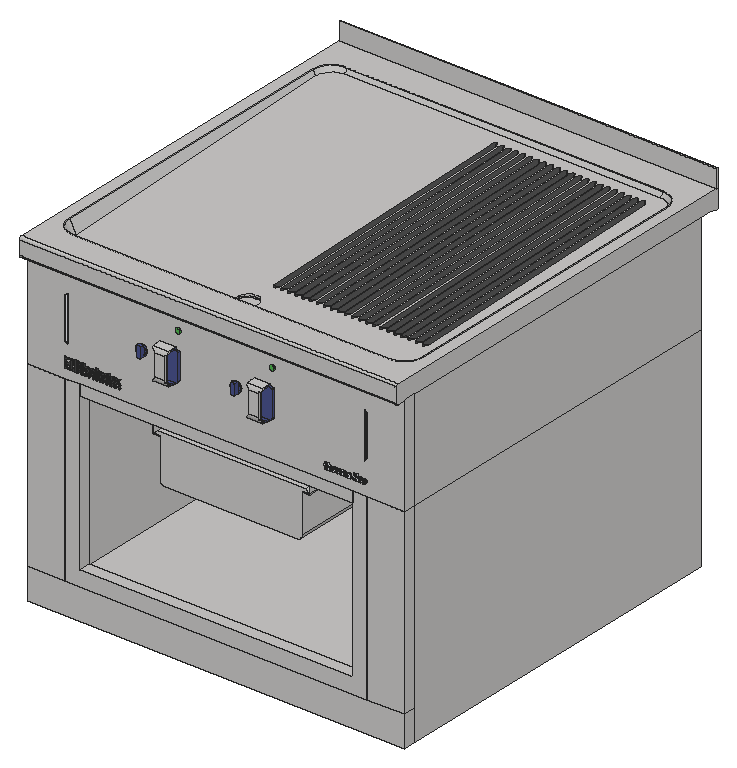
Revit family "QF_ELECTROLUXPROFESSIONAL_593116_MBHFGBHDVO", category Specialty Equipment, Revit 2014
Parameters
  Weight in Pounds = 487.22
  URL Cutsheet = ""
  Type Mark [instance] = ""
  Specification by User [instance] = ""
  Specification by Manufacturer = ""
  Serial Number = ""
  Seismic Rating = ""
  SMACNA No = ""
  Revision Code [instance] = ""
  Omniclass Number and Title = ""
  NAFEM Spec ID Number = ""
  Model = "588557"
  Masterspec = ""
  Manufacturer = "Electrolux Professional"
  Item Number [instance] = ""
  Installed By [instance] = ""
  Identify Quantity as Lot [instance] = yes
  Furnished By [instance] = ""
  Foodservice Equipment Identifier [instance] = yes
  Description = ""
  CSI MasterFormat = ""
  CSI Master Format = ""
Reference planes
  plane 1 "BACK": y = 0
  plane 2: z = 0
  plane 3 "LEFT": x = 0
  plane 4 "RIGHT": x = 800
  plane 5 "FRONT": y = -850
  plane 6 "TOP": z = 900
  plane 7 "Center (Left/Right)": x = 400
  plane 8 "Center (Front/Back)": y = -425
  plane 9: y = -150
  plane 10: y = -65
  plane 11: y = -790
  plane 12 "GasY": y = -540
  plane 13: z = 938
  plane 14 "BaseTop": z = 650
  plane 15: y = -805
  plane 16 "Camino": y = -50
  plane 17: z = 1131
  plane 18 "PlaneRibbed": through (-6096, -65, 890) normal (0, -0.0251, 0.9997)
  plane 19 "Base": z = 200
  plane 20 "GasX": x = 765
Forms (mm)
  Extrusion 1, solid, material "QF_Finishes_Stainless Steel"
    sketch origin (-178.969, -4572, 100) x (-1, 0, 0) y (0, -1, 0)
      loop
        line (-178.969, -4527) -> (-178.969, -3767) -> (-978.969, -3767) -> (-978.969, -4527) -> (-178.969, -4527)
    from 550 to 762.969
  Extrusion 2, solid, material "QF_Finishes_Stainless Steel"
    sketch origin (400, 296.4, 1219.2) x (0, 1, 0) y (0, 0, 1)
      loop
        line (-296.4, -319.2) -> (-1141.4, -319.2)
        arc (-1141.4, -319.2) -> (-1144.935, -320.664) -> (-1146.4, -324.2) r 5
        line (-1146.4, -324.2) -> (-1146.4, -355.2)
        arc (-1146.4, -355.2) -> (-1144.971, -358.264) -> (-1141.705, -359.139) r 4
        line (-1141.705, -359.139) -> (-1126.4, -356.231) -> (-316.4, -356.231) -> (-301.094, -359.139)
        arc (-301.094, -359.139) -> (-297.829, -358.264) -> (-296.4, -355.2) r 4
        line (-296.4, -355.2) -> (-296.4, -319.2)
    from -400 to 400
  Extrusion 3, void
    sketch origin (0, 0, 900) x (-1, 0, 0) y (0, -1, 0)
      loop
        arc (-65, 65) -> (-36.716, 76.716) -> (-25, 105) r 40
        line (-25, 105) -> (-25, 750)
        arc (-25, 750) -> (-36.716, 778.284) -> (-65, 790) r 40
        line (-65, 790) -> (-735, 790)
        arc (-735, 790) -> (-763.284, 778.284) -> (-775, 750) r 40
        line (-775, 750) -> (-775, 105)
        arc (-775, 105) -> (-763.284, 76.716) -> (-735, 65) r 40
        line (-735, 65) -> (-65, 65)
    from 0 to -30
  Extrusion 4, solid, material "QF_Finishes_Stainless Steel"
    sketch origin (400, 296.4, 1219.2) x (0, 1, 0) y (0, 0, 1)
      loop
        line (-296.4, -319.2) -> (-296.4, -281.2) -> (-298.4, -281.2) -> (-298.4, -319.2) -> (-296.4, -319.2)
    from 400 to -400
  Extrusion 5, solid, material "QF_Finishes_Stainless Steel"
    sketch origin (10, 0, 200) x (-1, 0, 0) y (0, -1, 0)
      loop
        circle (-755, 540) r 6.35
    from 0 to -10
  Sweep 6, solid, material "QF_Finishes_Stainless Steel"
    path origin (0, 0, 900) x (-1, 0, 0) y (0, -1, 0)
      loop
        line (-25, 105) -> (-25, 750)
        arc (-25, 750) -> (-36.716, 778.284) -> (-65, 790) r 40
        line (-65, 790) -> (-735, 790)
        arc (-735, 790) -> (-763.284, 778.284) -> (-775, 750) r 40
        line (-775, 750) -> (-775, 105)
        arc (-775, 105) -> (-763.284, 76.716) -> (-735, 65) r 40
        line (-735, 65) -> (-65, 65)
        arc (-65, 65) -> (-36.716, 76.716) -> (-25, 105) r 40
    profile origin (25, -427.5, 900) x (1, 0, 0) y (0, 0, 1)
      loop
        line (0, 0) -> (0, -30) -> (15, -30) -> (0, 0)
  Extrusion 7, void
    sketch origin (305.009, 0, 900) x (-1, 0, 0) y (0, -1, 0)
      loop
        circle (-94.991, 746) r 22.248
    from -32.282 to 0
  Extrusion 8, solid, material "QF_Finishes_Stainless Steel"
    sketch origin (400, 296.4, 1219.2) x (0, 1, 0) y (0, 0, 1)
      loop
        line (-1086.4, -349.2) -> (-361.4, -349.2) -> (-361.4, -329.2) -> (-1086.4, -347.399) -> (-1086.4, -349.2)
    from -375 to 375
  Extrusion 9, void
    sketch origin (290.252, 20, 900) x (-1, 0, 0) y (0, -1, 0)
      loop
        circle (-109.748, 765.667) r 22.248
    from -32.282 to 0
  Extrusion 10, solid, material "QF_Finishes_Stainless Steel"
    sketch origin (0, -425, 0) x (-1, 0, 0) y (0, 0, 1)
      loop
        line (-264.372, 616.232) -> (-236.622, 616.232)
        arc (-236.622, 616.232) -> (-235.738, 615.866) -> (-235.372, 614.982) r 1.25
        line (-235.372, 614.982) -> (-235.372, 584.482)
        arc (-235.372, 584.482) -> (-235.738, 583.598) -> (-236.622, 583.232) r 1.25
        line (-236.622, 583.232) -> (-249.372, 583.232) -> (-249.372, 582.232) -> (-236.622, 582.232)
        arc (-236.622, 582.232) -> (-235.031, 582.891) -> (-234.372, 584.482) r 2.25
        line (-234.372, 584.482) -> (-234.372, 614.982)
        arc (-234.372, 614.982) -> (-235.031, 616.573) -> (-236.622, 617.232) r 2.25
        line (-236.622, 617.232) -> (-264.372, 617.232) -> (-264.372, 616.232)
      loop
        line (-537.372, 616.232) -> (-537.372, 617.232) -> (-565.122, 617.232)
        arc (-565.122, 617.232) -> (-566.713, 616.573) -> (-567.372, 614.982) r 2.25
        line (-567.372, 614.982) -> (-567.372, 584.482)
        arc (-567.372, 584.482) -> (-566.713, 582.891) -> (-565.122, 582.232) r 2.25
        line (-565.122, 582.232) -> (-552.372, 582.232) -> (-552.372, 583.232) -> (-565.122, 583.232)
        arc (-565.122, 583.232) -> (-566.006, 583.598) -> (-566.372, 584.482) r 1.25
        line (-566.372, 584.482) -> (-566.372, 614.982)
        arc (-566.372, 614.982) -> (-566.006, 615.866) -> (-565.122, 616.232) r 1.25
        line (-565.122, 616.232) -> (-537.372, 616.232)
    from -365 to 360
  Extrusion 11, solid, material "QF_Finishes_Stainless Steel"
    sketch origin (0, -425, 0) x (-1, 0, 0) y (0, 0, 1)
      loop
        line (-249.872, 583.232) -> (-238.372, 583.232) -> (-238.372, 584.232) -> (-244.372, 590.232) -> (-557.372, 590.232) -> (-563.372, 584.232) -> (-563.372, 583.232) -> (-551.872, 583.232) -> (-551.872, 501.232)
        arc (-551.872, 501.232) -> (-548.65, 493.454) -> (-540.872, 490.232) r 11
        line (-540.872, 490.232) -> (-260.872, 490.232)
        arc (-260.872, 490.232) -> (-253.094, 493.454) -> (-249.872, 501.232) r 11
        line (-249.872, 501.232) -> (-249.872, 583.232)
    from -365 to 360
  Extrusion 12, void
    sketch origin (0, -425, 0) x (-1, 0, 0) y (0, 0, 1)
      loop
        line (-254.872, 501.232) -> (-254.872, 590.232) -> (-546.872, 590.232) -> (-546.872, 506.232)
        arc (-546.872, 506.232) -> (-543.65, 498.454) -> (-535.872, 495.232) r 11
        line (-535.872, 495.232) -> (-260.872, 495.232)
        arc (-260.872, 495.232) -> (-256.629, 496.99) -> (-254.872, 501.232) r 6
    from -350 to 355
  Extrusion 13, solid, material "QF_Finishes_Stainless Steel"
    sketch origin (0, -425, 0) x (-1, 0, 0) y (0, 0, 1)
      loop
        line (-690, 617.232) -> (-109.949, 617.232) -> (-109.949, 627) -> (-690, 627) -> (-690, 617.232)
    from -365 to -351.075
Cuts and joins
  Extrusion 3, Extrusion 7, Extrusion 9 cuts Extrusion 2
  Extrusion 9 cuts Sweep 6
  Extrusion 9 cuts Extrusion 8
  joined: Sweep 6, Extrusion 8
  Extrusion 12 cuts Extrusion 11
Lines and regions (mm)
  symbolic lines
    curve 1: line (0, 0, 100) -> (800, 0, 100)
    curve 2: line (0, -850, 100) -> (0, 0, 100)
    curve 3: line (800, -850, 100) -> (0, -850, 100)
    curve 4: line (800, 0, 100) -> (800, -850, 100)
    curve 5: line (0, -2, 0) -> (800, -2, 0)
    curve 6: line (734.029, -65, 0) -> (65.29, -65, 0)
    curve 7: line (65.29, -790, 0) -> (734.029, -790, 0)
    curve 8: line (65, -80, 900) -> (735, -80, 900)
    curve 9: line (735, -775, 900) -> (65, -775, 900)
    curve 10: arc (760, -750, 900) -> (752.678, -767.678, 900) -> (735, -775, 900) r 25
    curve 11: line (760, -105, 900) -> (760, -750, 900)
    curve 12: arc (735, -80, 900) -> (752.678, -87.322, 900) -> (760, -105, 900) r 25
    curve 13: circle (400, -746, 900) r 22.248 normal (0, 0, 1)
    curve 14: arc (90.5, -85.483, 900) -> (62.314, -97.096, 900) -> (50.5, -125.198, 900) r 39.994
    curve 15: line (90.5, -85.482, 900) -> (710.5, -85.482, 900)
    curve 16: line (50.5, -662.082, 900) -> (50.5, -125.198, 900)
    curve 17: arc (50.5, -662.082, 900) -> (62.314, -690.184, 900) -> (90.5, -701.797, 900) r 39.994
    curve 18: line (710.5, -701.798, 900) -> (90.5, -701.798, 900)
    curve 19: line (40.29, -708.526, 900) -> (760, -708.526, 900)
    curve 20: line (40.29, -718.526, 900) -> (760, -718.526, 900)
    curve 21: arc (65, -65, 900) -> (36.716, -76.716, 900) -> (25, -105, 900) r 40
    curve 22: line (25, -105, 900) -> (25, -750, 900)
    curve 23: arc (25, -750, 900) -> (36.716, -778.284, 900) -> (65, -790, 900) r 40
    curve 24: arc (735, -790, 900) -> (763.284, -778.284, 900) -> (775, -750, 900) r 40
    curve 25: line (775, -750, 900) -> (775, -105, 900)
    curve 26: arc (775, -105, 900) -> (763.284, -76.716, 900) -> (735, -65, 900) r 40
    curve 27: arc (709.5, -85.483, 900) -> (737.686, -97.096, 900) -> (749.5, -125.198, 900) r 39.994
    curve 28: line (749.5, -662.082, 900) -> (749.5, -125.198, 900)
    curve 29: arc (749.5, -662.082, 900) -> (737.686, -690.184, 900) -> (709.5, -701.797, 900) r 39.994
    curve 30: arc (65, -775, 900) -> (47.322, -767.678, 900) -> (40, -750, 900) r 25
    curve 31: line (40, -750, 900) -> (40, -105, 900)
    curve 32: arc (40, -105, 900) -> (47.322, -87.322, 900) -> (65, -80, 900) r 25
Dimensions and locks
  plane 3 "LEFT" to plane 4 "RIGHT" = 800 mm
  locked: plane 5 "FRONT" to plane 1 "BACK" at 850
  plane 3 "LEFT" to plane 7 "Center (Left/Right)" to plane 4 "RIGHT" = 400 mm, 400 mm
  equal spacing: plane 5 "FRONT", plane 8 "Center (Front/Back)", plane 1 "BACK"
  plane 6 "TOP" to level = 900 mm  (x2)
  plane 1 "BACK" to plane 9 = 150 mm
  plane 12 "GasY" to plane 1 "BACK" = 540 mm
  plane 13 to plane 6 "TOP" = 38 mm
  plane 10 to plane 1 "BACK" = 65 mm
  plane 5 "FRONT" to plane 11 = 60 mm
  locked: plane 6 "TOP" to plane 14 "BaseTop" at 250
  locked: plane 15 to plane 5 "FRONT" at 45
  plane 16 "Camino" to plane 1 "BACK" = 50 mm
  plane 17 to plane 6 "TOP" = 231 mm
  plane 19 "Base" to level = 200 mm
  plane 20 "GasX" to plane 4 "RIGHT" = 35 mm
  aligned and locked: level to plane 2
  aligned and locked: cut or joined group of Extrusion 2, Extrusion 3, Extrusion 7, Extrusion 9 to plane 3 "LEFT"
  aligned and locked: cut or joined group of Extrusion 2, Extrusion 3, Extrusion 7, Extrusion 9 to plane 4 "RIGHT"
  aligned and locked: nested 1 to plane 15
  aligned and locked: Extrusion 1 to plane 15
  aligned and locked: Extrusion 4 to plane 3 "LEFT"
  aligned and locked: Extrusion 4 to plane 4 "RIGHT"
  aligned and locked: plane 3 "LEFT" to nested 1
  aligned and locked: Extrusion 1 to nested 24
Automatic sketch dimensions
  curve 5 to plane 3 "LEFT" = 0 mm
  plane 10 to curve 6 = 0 mm
  plane 11 to curve 7 = 0 mm
  curve 5 to plane 4 "RIGHT" = 0 mm
  plane 3 "LEFT" to curve 6 = 65.29 mm
  plane 3 "LEFT" to curve 7 = 65.29 mm
  plane 1 "BACK" to curve 5 = 2 mm
  Extrusion 1 sketch curve to plane 4 "RIGHT" = 0 mm
  Extrusion 1 sketch curve to plane 3 "LEFT" = 0 mm
  Extrusion 1 sketch curve to plane 15 = 0 mm
  Extrusion 1 sketch curve to plane 16 "Camino" = 5 mm
  plane 1 "BACK" to curve 1 = 0 mm
  curve 1 to plane 4 "RIGHT" = 0 mm
  curve 3 to plane 3 "LEFT" = 0 mm
  plane 5 "FRONT" to curve 3 = 0 mm
  Extrusion 2 sketch curve to plane 5 "FRONT" = 0 mm
  Extrusion 2 sketch curve to plane 6 "TOP" = 0 mm
  Extrusion 2 sketch curve to plane 1 "BACK" = 0 mm
  Extrusion 2 sketch curve to Extrusion 2 sketch curve = 4 mm
  Extrusion 2 sketch curve to Extrusion 2 sketch curve = 0.695 mm
  Extrusion 2 sketch curve to plane 5 "FRONT" = 5 mm
  Extrusion 2 sketch curve to Extrusion 2 sketch curve = 15.305 mm
  plane 1 "BACK" to Extrusion 2 sketch curve = 20 mm
  plane 1 "BACK" to Extrusion 2 sketch curve = 4.695 mm
  plane 1 "BACK" to Extrusion 2 sketch curve = 4 mm
  Extrusion 2 sketch curve to Extrusion 2 sketch curve = 31 mm
  Extrusion 2 sketch curve to Extrusion 2 sketch curve = 36 mm
  Extrusion 2 sketch curve to Extrusion 2 sketch curve = 2.909 mm
  plane 11 to Extrusion 3 sketch curve = 0 mm
  plane 10 to Extrusion 3 sketch curve = 0 mm
  plane 3 "LEFT" to Extrusion 3 sketch curve = 65 mm  (x2)
  plane 10 to Extrusion 3 sketch curve = 40 mm  (x2)
  curve 10 to curve 24 = 0 mm  (x4)
  curve 12 to curve 26 = 0 mm  (x4)
  curve 21 to curve 32 = 0 mm  (x2)
  curve 23 to curve 30 = 0 mm  (x2)
  plane 10 to curve 26 = 0 mm
  plane 11 to curve 24 = 0 mm
  curve 13 to plane 7 "Center (Left/Right)" = 0 mm
  plane 10 to curve 21 = 0 mm
  curve 25 to curve 11 = 15 mm
  curve 17 to plane 12 "GasY" = 121.803 mm
  plane 3 "LEFT" to curve 17 = 90.493 mm
  plane 9 to curve 14 = 24.523 mm
  plane 3 "LEFT" to curve 14 = 90.493 mm
  curve 14 to curve 21 = 25.493 mm
  curve 23 to plane 11 = 40 mm
  plane 3 "LEFT" to curve 23 = 65 mm
  curve 17 to curve 16 = 39.993 mm
  curve 31 to curve 16 = 20.198 mm
  curve 11 to curve 28 = 20.198 mm
  plane 9 to curve 27 = 24.523 mm
  curve 29 to plane 12 "GasY" = 121.803 mm
  curve 16 to plane 12 "GasY" = 122.082 mm
  curve 28 to plane 12 "GasY" = 122.082 mm
  curve 13 to plane 11 = 44 mm
  plane 10 to curve 27 = 20.483 mm
  curve 29 to curve 29 = 0.007 mm
  curve 18 to curve 29 = 1 mm
  curve 15 to curve 27 = 1 mm
  curve 18 to curve 17 = 0.007 mm
  curve 15 to curve 8 = 25.5 mm
  curve 15 to curve 14 = 0 mm
  curve 18 to curve 17 = 0 mm
  curve 20 to curve 30 = 0.29 mm
  curve 19 to curve 20 = 0 mm
  curve 15 to curve 14 = 0.001 mm
  curve 29 to curve 18 = 0.001 mm
  curve 19 to curve 30 = 41.474 mm
  curve 19 to curve 20 = 10 mm
  Extrusion 4 sketch curve to plane 6 "TOP" = 0 mm
  Extrusion 4 sketch curve to plane 13 = 0 mm
  Extrusion 4 sketch curve to plane 1 "BACK" = 0 mm
  Extrusion 4 sketch curve to Extrusion 4 sketch curve = 2 mm
  plane 10 to Sweep 6 sketch curve = 0 mm
  plane 11 to Sweep 6 sketch curve = 0 mm
  plane 3 "LEFT" to Sweep 6 sketch curve = 65 mm  (x2)
  plane 3 "LEFT" to Sweep 6 sketch curve = 25 mm
  profile plane to Sweep 6 sketch curve = 0 mm
  Sweep 6 sketch curve to plane 6 "TOP" = 0 mm
  Sweep 6 sketch curve to profile plane = 15 mm
  Sweep 6 sketch curve to plane 6 "TOP" = 30 mm
  Extrusion 7 sketch curve to plane 7 "Center (Left/Right)" = 0 mm
  Extrusion 7 sketch curve to plane 11 = 44 mm
  Extrusion 7 sketch curve to plane 7 "Center (Left/Right)" = 12.288 mm
  Extrusion 7 sketch curve to Extrusion 7 sketch curve = 0 mm
  Extrusion 7 sketch curve to Extrusion 7 sketch curve = 18.547 mm
  plane 7 "Center (Left/Right)" to Extrusion 9 sketch curve = 0 mm
  Extrusion 9 sketch curve to plane 11 = 44.333 mm
  Extrusion 9 sketch curve to plane 7 "Center (Left/Right)" = 12.288 mm
  Extrusion 9 sketch curve to Extrusion 9 sketch curve = 0 mm
  Extrusion 9 sketch curve to Extrusion 9 sketch curve = 18.547 mm
  Extrusion 8 sketch curve to plane 11 = 0 mm
  Extrusion 8 sketch curve to plane 10 = 0 mm
  Extrusion 8 sketch curve to plane 6 "TOP" = 30 mm
  Extrusion 8 sketch curve to plane 6 "TOP" = 10 mm
  Extrusion 8 sketch curve to Extrusion 8 sketch curve = 1.801 mm
  plane 12 "GasY" to Extrusion 5 sketch curve = 0 mm
  Extrusion 10 sketch curve to Extrusion 10 sketch curve = 0 mm  (x8)
  Extrusion 10 sketch curve to plane 14 "BaseTop" = 35.018 mm
  plane 7 "Center (Left/Right)" to Extrusion 10 sketch curve = 167.372 mm
  Extrusion 10 sketch curve to Extrusion 10 sketch curve = 1 mm  (x2)
  Extrusion 10 sketch curve to Extrusion 10 sketch curve = 1.25 mm  (x3)
  Extrusion 10 sketch curve to Extrusion 10 sketch curve = 12.75 mm  (x2)
  Extrusion 10 sketch curve to Extrusion 10 sketch curve = 27.75 mm  (x2)
  Extrusion 10 sketch curve to plane 14 "BaseTop" = 33.768 mm
  Extrusion 10 sketch curve to plane 7 "Center (Left/Right)" = 135.628 mm
  Extrusion 10 sketch curve to Extrusion 10 sketch curve = 15 mm
  Extrusion 10 sketch curve to Extrusion 10 sketch curve = 30.5 mm  (x2)
  Extrusion 11 sketch curve to plane 14 "BaseTop" = 66.768 mm
  plane 7 "Center (Left/Right)" to Extrusion 11 sketch curve = 163.372 mm
  Extrusion 11 sketch curve to Extrusion 11 sketch curve = 11.5 mm
  Extrusion 11 sketch curve to Extrusion 11 sketch curve = 11 mm  (x2)
  Extrusion 11 sketch curve to plane 7 "Center (Left/Right)" = 139.128 mm
  Extrusion 11 sketch curve to Extrusion 11 sketch curve = 5.5 mm
  Extrusion 11 sketch curve to Extrusion 11 sketch curve = 6 mm  (x3)
  Extrusion 11 sketch curve to Extrusion 11 sketch curve = 82 mm
  Extrusion 11 sketch curve to Extrusion 11 sketch curve = 1 mm  (x2)
  Extrusion 11 sketch curve to plane 14 "BaseTop" = 59.768 mm
  plane 7 "Center (Left/Right)" to Extrusion 12 sketch curve = 146.872 mm
  Extrusion 12 sketch curve to Extrusion 12 sketch curve = 11 mm
  Extrusion 12 sketch curve to plane 7 "Center (Left/Right)" = 139.128 mm
  Extrusion 12 sketch curve to Extrusion 12 sketch curve = 6 mm
  Extrusion 12 sketch curve to plane 14 "BaseTop" = 154.768 mm
  Extrusion 12 sketch curve to plane 14 "BaseTop" = 59.768 mm
  Extrusion 13 sketch curve to plane 14 "BaseTop" = 23 mm
  plane 3 "LEFT" to Extrusion 13 sketch curve = 109.949 mm
  Extrusion 13 sketch curve to Extrusion 13 sketch curve = 9.768 mm
  plane 4 "RIGHT" to curve 6 = 65.971 mm
  plane 4 "RIGHT" to curve 7 = 65.971 mm
  plane 4 "RIGHT" to Extrusion 3 sketch curve = 65 mm  (x2)
  plane 4 "RIGHT" to curve 29 = 90.493 mm
  plane 4 "RIGHT" to curve 27 = 90.493 mm
  curve 12 to curve 27 = 25.493 mm
  curve 24 to curve 18 = 24.5 mm
  plane 9 to curve 28 = 24.802 mm
  curve 12 to curve 28 = 10.5 mm
  plane 4 "RIGHT" to Extrusion 5 sketch curve = 35 mm
  plane 4 "RIGHT" to Sweep 6 sketch curve = 65 mm  (x2)
  plane 10 to Sweep 6 sketch curve = 40 mm
  plane 4 "RIGHT" to Extrusion 13 sketch curve = 110 mm
  radius of curve 13 = 22.248 mm
  radius of Extrusion 5 sketch curve = 6.35 mm
Nested families
  nested 1: "Front_Panel_W800_2 Knobs_2Spie_Manop" at (202.376, -805, 0), type "Front_Panel_W800_2 Knobs_2Spie_Manop"
  nested 2: "Rib_D12" at (662.5, -379.667, 882.101) x (-1, 0, 0) z (0, -0.0251, 0.9997), type "Rib_D12"
    with Show Clearance yes, Lenght 588 mm
  nested 3: "Rib_D12" at (647.5, -379.667, 882.101) x (-1, 0, 0) z (0, -0.0251, 0.9997), type "Rib_D12"
    with Show Clearance yes, Lenght 588 mm
  nested 4: "Rib_D12" at (632.5, -379.667, 882.101) x (-1, 0, 0) z (0, -0.0251, 0.9997), type "Rib_D12"
    with Show Clearance yes, Lenght 588 mm
  nested 5: "Rib_D12" at (617.5, -379.667, 882.101) x (-1, 0, 0) z (0, -0.0251, 0.9997), type "Rib_D12"
    with Show Clearance yes, Lenght 588 mm
  nested 6: "Rib_D12" at (602.5, -379.667, 882.101) x (-1, 0, 0) z (0, -0.0251, 0.9997), type "Rib_D12"
    with Show Clearance yes, Lenght 588 mm
  nested 7: "Rib_D12" at (587.5, -379.667, 882.101) x (-1, 0, 0) z (0, -0.0251, 0.9997), type "Rib_D12"
    with Show Clearance yes, Lenght 588 mm
  nested 8: "Rib_D12" at (572.5, -379.667, 882.101) x (-1, 0, 0) z (0, -0.0251, 0.9997), type "Rib_D12"
    with Show Clearance yes, Lenght 588 mm
  nested 9: "Rib_D12" at (557.5, -379.667, 882.101) x (-1, 0, 0) z (0, -0.0251, 0.9997), type "Rib_D12"
    with Show Clearance yes, Lenght 588 mm
  nested 10: "Rib_D12" at (542.5, -379.667, 882.101) x (-1, 0, 0) z (0, -0.0251, 0.9997), type "Rib_D12"
    with Show Clearance yes, Lenght 588 mm
  nested 11: "Rib_D12" at (527.5, -379.667, 882.101) x (-1, 0, 0) z (0, -0.0251, 0.9997), type "Rib_D12"
    with Show Clearance yes, Lenght 588 mm
  nested 12: "Rib_D12" at (512.5, -379.667, 882.101) x (-1, 0, 0) z (0, -0.0251, 0.9997), type "Rib_D12"
    with Show Clearance yes, Lenght 588 mm
  nested 13: "Rib_D12" at (497.5, -379.667, 882.101) x (-1, 0, 0) z (0, -0.0251, 0.9997), type "Rib_D12"
    with Show Clearance yes, Lenght 588 mm
  nested 14: "Rib_D12" at (722.5, -379.667, 882.101) x (-1, 0, 0) z (0, -0.0251, 0.9997), type "Rib_D12"
    with Show Clearance yes, Lenght 588 mm
  nested 15: "Rib_D12" at (707.5, -379.667, 882.101) x (-1, 0, 0) z (0, -0.0251, 0.9997), type "Rib_D12"
    with Show Clearance yes, Lenght 588 mm
  nested 16: "Rib_D12" at (692.5, -379.667, 882.101) x (-1, 0, 0) z (0, -0.0251, 0.9997), type "Rib_D12"
    with Show Clearance yes, Lenght 588 mm
  nested 17: "Rib_D12" at (677.5, -379.667, 882.101) x (-1, 0, 0) z (0, -0.0251, 0.9997), type "Rib_D12"
    with Show Clearance yes, Lenght 588 mm
  nested 18: "Rib_D12" at (482.5, -379.667, 882.101) x (-1, 0, 0) z (0, -0.0251, 0.9997), type "Rib_D12"
    with Show Clearance yes, Lenght 588 mm
  nested 19: "Rib_D12" at (467.5, -379.667, 882.101) x (-1, 0, 0) z (0, -0.0251, 0.9997), type "Rib_D12"
    with Show Clearance yes, Lenght 588 mm
  nested 20: "Rib_D12" at (452.5, -379.667, 882.101) x (-1, 0, 0) z (0, -0.0251, 0.9997), type "Rib_D12"
    with Show Clearance yes, Lenght 588 mm
  nested 21: "Rib_D12" at (437.5, -379.667, 882.101) x (-1, 0, 0) z (0, -0.0251, 0.9997), type "Rib_D12"
    with Show Clearance yes, Lenght 588 mm
  nested 22: "Rib_D12" at (422.5, -379.667, 882.101) x (-1, 0, 0) z (0, -0.0251, 0.9997), type "Rib_D12"
    with Show Clearance yes, Lenght 588 mm
  nested 23: "Rib_D12" at (407.5, -379.667, 882.101) x (-1, 0, 0) z (0, -0.0251, 0.9997), type "Rib_D12"
    with Show Clearance yes, Lenght 588 mm
  nested 24: "QF_ELECTROLUXPROFESSIONAL_588643_MB1NCAHOOO" at (0, 0, 0), type "QF_ELECTROLUXPROFESSIONAL_588643_MB1NCAHOOO"
    with Type Mark "", Specification by User "", Revision Code "", Item Number "", Installed By "", Identify Quantity as Lot yes, Furnished By "", Foodservice Equipment Identifier yes
Connectors
  piping at (765, -540, 190), diameter 12.7
    settings: on Extrusion 5, index 1, connector inside diameter 24", connector length 0 mm, flow factor 0, pipe flow 0 GPM, pressure drop 0.00 psi, fitting loss kfactor 0, connector angle 0.00°, fixture units 0, engagement length 0 mm, angle of deflection 0.00°, flow configuration 1, flow direction 1, fitting loss method 0, system type 7, joint type 0, gender type 0, connector reference index -1, connector utility 0, adjustable connector no, is connector primary yes, connector description "Gas Connection"
Definition of nested family "Front_Panel_W800_2 Knobs_2Spie_Manop"
  Reference planes
    plane 1 "Center (Front/Back)": y = 0
    plane 2: z = 0
    plane 3 "Center (Left/Right)": x = 197.624
    plane 4 "Left": x = -202.376
    plane 5 "Right": x = 597.624
    plane 6: y = -45
    plane 7: x = 97.624
    plane 8: y = -310
    plane 9 "Panel": y = -25
    plane 10: x = 517.624
    plane 11: x = -122.376
    plane 12: x = 297.624
  Forms (mm)
    Extrusion 1, solid, material "QF_Finishes_Stainless Steel"
      sketch origin (833.217, 829.203, -1.25) x (0, 1, 0) y (0, 0, 1)
        loop
          line (-854.203, 651.25) -> (-829.203, 651.25) -> (-829.203, 864.25) -> (-854.203, 864.25) -> (-854.203, 651.25)
      from -1035.593 to -235.593
    Extrusion 2, void
      sketch origin (0, -25, -10) x (0, 0, 1) y (-1, 0, 0)
        loop
          line (731.866, 122.376) -> (726.866, 117.376) -> (823.866, 117.376) -> (818.866, 122.376) -> (731.866, 122.376)
        loop
          line (731.866, -517.624) -> (818.866, -517.624) -> (823.866, -512.624) -> (726.866, -512.624) -> (731.866, -517.624)
      from 0 to -2
    Extrusion 3, solid, material "QF_Finishes_Green"
      sketch origin (160, -25, 1.163) x (0, 0, 1) y (-1, 0, 0)
        loop
          circle (824.337, 42.376) r 5
      from 0 to 1.7
    Extrusion 4, solid, material "QF_Finishes_Green"
      sketch origin (330.497, -25, 1.163) x (0, 0, 1) y (-1, 0, 0)
        loop
          circle (824.337, 12.376) r 5
      from 0 to 1.7
    Extrusion 5, solid, material "QF_Finishes_White"
      sketch origin (0, -25, -10) x (0, 0, 1) y (-1, 0, 0)
        loop
          line (731.866, 122.376) -> (726.866, 117.376) -> (823.866, 117.376) -> (818.866, 122.376) -> (731.866, 122.376)
        loop
          line (726.866, -512.624) -> (731.866, -517.624) -> (818.866, -517.624) -> (823.866, -512.624) -> (726.866, -512.624)
      from 0 to -2
    Extrusion 6, solid, material "QF_Finishes_Electrolux Cyan"
      sketch origin (0, -25, 0) x (0, 0, 1) y (-1, 0, 0)
        loop
          circle (761.978, -40.989) r 11.5
      from 1.492 to 2.716
    Extrusion 7, solid, material "QF_Finishes_Stainless Steel"
      sketch origin (0, -25, 0) x (0, 0, 1) y (-1, 0, 0)
        loop
          circle (761.978, -40.989) r 8.098
      from 0 to 1.492
    Extrusion 8, solid, material "QF_Finishes_Electrolux Cyan"
      sketch origin (0, -25, 0) x (0, 0, 1) y (-1, 0, 0)
        loop
          arc (772.561, -45.489) -> (773.478, -40.989) -> (772.561, -36.489) r 11.5
          line (772.561, -36.489) -> (751.395, -36.489)
          arc (751.395, -36.489) -> (750.478, -40.989) -> (751.395, -45.489) r 11.5
          line (751.395, -45.489) -> (772.561, -45.489)
      from 1.492 to 10
    Extrusion 9, solid, material "QF_Finishes_Electrolux Cyan"
      sketch origin (200, -25, 0) x (0, 0, 1) y (-1, 0, 0)
        loop
          circle (761.978, -40.989) r 11.5
      from 1.492 to 2.716
    Extrusion 10, solid, material "QF_Finishes_Stainless Steel"
      sketch origin (200, -25, 0) x (0, 0, 1) y (-1, 0, 0)
        loop
          circle (761.978, -40.989) r 8.098
      from 0 to 1.492
    Extrusion 11, solid, material "QF_Finishes_Electrolux Cyan"
      sketch origin (200, -25, 0) x (0, 0, 1) y (-1, 0, 0)
        loop
          arc (772.561, -45.489) -> (773.478, -40.989) -> (772.561, -36.489) r 11.5
          line (772.561, -36.489) -> (751.395, -36.489)
          arc (751.395, -36.489) -> (750.478, -40.989) -> (751.395, -45.489) r 11.5
          line (751.395, -45.489) -> (772.561, -45.489)
      from 1.492 to 10
  Cuts and joins
    Extrusion 2 cuts Extrusion 1
    joined: Extrusion 6, Extrusion 8
  Dimensions and locks
    equal spacing: plane 5 "Right", plane 3 "Center (Left/Right)", plane 4 "Left"
    plane 5 "Right" to plane 4 "Left" = 800 mm
    plane 3 "Center (Left/Right)" to plane 7 = 100 mm
    plane 6 to plane 8 = 265 mm
    plane 12 to plane 3 "Center (Left/Right)" = 100 mm
    aligned and locked: cut or joined group of Extrusion 1, Extrusion 2 to plane 4 "Left"
    aligned and locked: plane 5 "Right" to cut or joined group of Extrusion 1, Extrusion 2
  Automatic sketch dimensions
    Extrusion 1 sketch curve to plane 9 "Panel" = 0 mm
    Extrusion 1 sketch curve to plane 1 "Center (Front/Back)" = 0 mm
    level to Extrusion 1 sketch curve = 650 mm
    Extrusion 1 sketch curve to Extrusion 1 sketch curve = 213 mm
    Extrusion 2 sketch curve to plane 11 = 0 mm
    Extrusion 2 sketch curve to plane 10 = 0 mm
    Extrusion 2 sketch curve to plane 10 = 5 mm
    level to Extrusion 2 sketch curve = 716.866 mm
    plane 11 to Extrusion 2 sketch curve = 5 mm
    Extrusion 2 sketch curve to Extrusion 2 sketch curve = 0 mm
    Extrusion 2 sketch curve to Extrusion 2 sketch curve = 5 mm  (x4)
    Extrusion 2 sketch curve to Extrusion 2 sketch curve = 87 mm  (x2)
    plane 7 to Extrusion 3 sketch curve = 20 mm
    level to Extrusion 3 sketch curve = 825.5 mm
    plane 12 to Extrusion 4 sketch curve = 20.497 mm
    level to Extrusion 4 sketch curve = 825.5 mm
    Extrusion 5 sketch curve to plane 11 = 0 mm
    Extrusion 5 sketch curve to plane 10 = 0 mm
    Extrusion 5 sketch curve to plane 10 = 5 mm
    level to Extrusion 5 sketch curve = 716.866 mm
    plane 11 to Extrusion 5 sketch curve = 5 mm
    Extrusion 5 sketch curve to Extrusion 5 sketch curve = 0 mm
    Extrusion 5 sketch curve to Extrusion 5 sketch curve = 5 mm  (x4)
    Extrusion 5 sketch curve to Extrusion 5 sketch curve = 87 mm  (x2)
    Extrusion 6 sketch curve to plane 7 = 56.635 mm
    level to Extrusion 6 sketch curve = 761.978 mm
    Extrusion 7 sketch curve to plane 7 = 56.635 mm
    level to Extrusion 7 sketch curve = 761.978 mm
    Extrusion 8 sketch curve to Extrusion 8 sketch curve = 0 mm  (x3)
    Extrusion 8 sketch curve to plane 7 = 61.135 mm
    level to Extrusion 8 sketch curve = 751.395 mm
    Extrusion 8 sketch curve to Extrusion 8 sketch curve = 10.583 mm  (x2)
    Extrusion 8 sketch curve to Extrusion 8 sketch curve = 4.5 mm
    plane 3 "Center (Left/Right)" to Extrusion 9 sketch curve = 43.365 mm
    level to Extrusion 9 sketch curve = 761.978 mm
    plane 3 "Center (Left/Right)" to Extrusion 10 sketch curve = 43.365 mm
    level to Extrusion 10 sketch curve = 761.978 mm
    Extrusion 11 sketch curve to Extrusion 11 sketch curve = 0 mm  (x3)
    plane 3 "Center (Left/Right)" to Extrusion 11 sketch curve = 38.865 mm
    level to Extrusion 11 sketch curve = 751.395 mm
    Extrusion 11 sketch curve to Extrusion 11 sketch curve = 10.583 mm  (x2)
    Extrusion 11 sketch curve to Extrusion 11 sketch curve = 4.5 mm
    radius of Extrusion 3 sketch curve = 5 mm
    radius of Extrusion 4 sketch curve = 5 mm
    radius of Extrusion 6 sketch curve = 11.5 mm
    radius of Extrusion 7 sketch curve = 8.098 mm
    radius of Extrusion 9 sketch curve = 11.5 mm
    radius of Extrusion 10 sketch curve = 8.098 mm
  Nested families
    nested 1: "Range Control Handle" at (97.851, -28.137, -209.113) x (-1, 0, 0) z (0, 0, 1), type "Range Control Handle"
    nested 2: "Range Control Handle" at (297.398, -28.137, -209.113), type "Range Control Handle"
    nested 3: "ELX_ThermaLine_Small" at (468.838, -25, 679.426) x (1, 0, 0) z (0, -1, 0), type "ELX_ThermaLine_Small"
      with Show Logo yes, Material_Logo QF_Finishes_Black
    nested 4: "ELX_Professional_Logo_Small" at (-62.89, -25, 681.659) x (1, 0, 0) z (0, -1, 0), type "ELX_Professional_Logo_Small"
      with Show Logo yes, Material_Logo QF_Finishes_Black
  Definition of nested family "Range Control Handle"
    Reference planes
      plane 1 "Center (Front/Back)": y = 0
      plane 2: z = 0
      plane 3 "Center (Left/Right)": x = 0
      plane 4: z = 971.092
      plane 5: y = -16.9
    Forms (mm)
      Extrusion 1, solid, material "QF_Finishes_Electrolux Cyan"
        sketch origin (-746.28, 380.497, 208.931) x (-1, 0, 0) y (0, 0, 1)
          loop
            line (-770.101, 786.798) -> (-770.101, 731.649)
            arc (-770.101, 731.649) -> (-769.759, 730.563) -> (-768.855, 729.87) r 1.893
            line (-768.855, 729.87) -> (-763.474, 727.911) -> (-729.81, 727.911) -> (-724.428, 729.87)
            arc (-724.428, 729.87) -> (-723.525, 730.563) -> (-723.183, 731.649) r 1.893
            line (-723.183, 731.649) -> (-723.183, 786.798)
            arc (-723.183, 786.798) -> (-723.529, 787.894) -> (-724.44, 788.593) r 1.91
            line (-724.44, 788.593) -> (-729.683, 790.819) -> (-763.601, 790.819) -> (-768.844, 788.593)
            arc (-768.844, 788.593) -> (-769.755, 787.894) -> (-770.101, 786.798) r 1.91
        from -382.35 to -378.852
      Sweep 2, solid, material "QF_Finishes_Electrolux Cyan"
        path origin (-746.788, 380.496, 208.091) x (0, -1, 0) y (0, 0, 1)
          loop
            line (379.775, 793.281) -> (395.661, 791.048)
            arc (395.661, 791.048) -> (397.781, 787.377) -> (398.517, 783.202) r 12.207
            line (398.517, 783.202) -> (398.517, 737.368)
            arc (398.517, 737.368) -> (397.781, 733.193) -> (395.661, 729.522) r 12.207
            line (395.661, 729.522) -> (379.775, 727.289)
        profile origin (-746.788, -7.222, 1000.256) x (0, -0.139173, 0.990268) y (-1, 0, 0)
          loop
            line (0.782, -763.123) -> (0.782, -730.907) -> (-1.322, -730.907) -> (-1.322, -763.123) -> (0.782, -763.123)
      Sweep 3, solid, material "QF_Finishes_Stainless Steel"
        path origin (-746.788, 380.715, 207.832) x (0, -1, 0) y (0, 0, 1)
          loop
            line (380.478, 795.442) -> (397.218, 793.09)
            arc (397.218, 793.09) -> (399.929, 788.473) -> (400.871, 783.202) r 15.207
            line (400.871, 783.202) -> (400.871, 737.584)
            arc (400.871, 737.584) -> (399.914, 732.274) -> (397.164, 727.633) r 15.207
            line (397.164, 727.633) -> (380.601, 725.305)
        profile origin (-746.788, -8.132, 1002.099) x (0, -0.139173, 0.990268) y (-1, 0, 0)
          loop
            line (0.782, -763.123) -> (0.782, -730.907) -> (-1.322, -730.907) -> (-1.322, -763.123) -> (0.782, -763.123)
      Extrusion 4, void
        sketch origin (889.253, 220.666, 207.993) x (1, 0, 0) y (0, 0, 1)
          loop
            line (-943.038, 816.854) -> (-943.038, 703.686) -> (-899.466, 734.196) -> (-899.466, 786.344) -> (-943.038, 816.854)
        from 230.636 to 242.25
      Extrusion 5, void
        sketch origin (-888.8, 220.666, 207.993) x (-1, 0, 0) y (0, 0, -1)
          loop
            line (-943.038, -816.854) -> (-899.466, -786.344) -> (-899.466, -734.196) -> (-943.038, -703.686) -> (-943.038, -816.854)
        from 230.636 to 242.25
      Extrusion 6, solid, material "QF_Finishes_Electrolux Cyan"
        sketch origin (0, 0, 0) x (1, 0, 0) y (0, 0, 1)
          loop
            circle (0, 971.092) r 7.736
        from -3.137 to -1.645
    Cuts and joins
      Extrusion 4, Extrusion 5 cuts Sweep 3
      Extrusion 4, Extrusion 5 cuts Sweep 2
      joined: Extrusion 1, Extrusion 6
    Lines and regions (mm)
      symbolic lines
        curve 1: line (16.334, -16.9, 0) -> (16.334, -19.227, 0)
        curve 2: spline (16.334, -19.227, 0) -> (15.87, -19.385, 0) -> (15.404, -19.536, 0) -> (14.936, -19.678, 0) -> (14.466, -19.813, 0) -> (13.995, -19.94, 0) -> (13.523, -20.059, 0) -> (13.049, -20.171, 0) -> (12.575, -20.274, 0) -> (12.099, -20.37, 0) -> (11.622, -20.458, 0) -> (11.144, -20.537, 0) -> (10.666, -20.609, 0)
        curve 3: line (10.666, -16.9, 0) -> (10.666, -20.938, 0)
        curve 4: line (-10.213, -20.938, 0) -> (10.666, -20.938, 0)
        curve 5: line (-10.213, -20.938, 0) -> (-10.213, -16.9, 0)
        curve 6: spline (-10.213, -20.609, 0) -> (-10.691, -20.537, 0) -> (-11.169, -20.458, 0) -> (-11.646, -20.37, 0) -> (-12.122, -20.274, 0) -> (-12.597, -20.171, 0) -> (-13.07, -20.059, 0) -> (-13.542, -19.94, 0) -> (-14.013, -19.813, 0) -> (-14.483, -19.678, 0) -> (-14.951, -19.536, 0) -> (-15.417, -19.385, 0) -> (-15.881, -19.227, 0)
        curve 7: line (-15.881, -19.227, 0) -> (-15.881, -16.9, 0)
  Definition of nested family "ELX_ThermaLine_Small"
    Parameters (values of type "ELX_ThermaLine_Small")
      Show Logo [instance] = yes
      Material_Logo [instance] = QF_Finishes_Black
      Default Elevation = 0 mm
    Reference planes
      plane 1 "Centro (Fronte/Retro)": y = 0
      plane 2: z = 0
      plane 3 "Centro (Sinistra/Destra)": x = 0
    Forms (mm)
      Extrusion 1, solid
        sketch origin (0, 0, 0) x (1, 0, 0) y (0, 1, 0)
          loop
            line (-1219.2, 1219.2) -> (-1219.2, -1219.2) -> (1219.2, -1219.2) -> (1219.2, 1219.2) -> (-1219.2, 1219.2)
        from 0 to -304.8
      Extrusion 2, solid, material "QF_Finishes_White"
        sketch origin (0, 0, 0) x (1, 0, 0) y (0, 1, 0)
          loop
            line (-37.494, 1.229) -> (-35.908, 1.229) -> (-35.908, 3.066) -> (-37.494, 3.066) -> (-37.494, 6.221) -> (-39.867, 4.881) -> (-39.867, 3.066) -> (-40.969, 3.066) -> (-40.969, 1.229) -> (-39.867, 1.229) -> (-39.867, -3.407)
            arc (-39.867, -3.407) -> (-38.982, -5.513) -> (-36.751, -6.001) r 2.478
            line (-36.751, -6.001) -> (-35.638, -5.7) -> (-35.9, -3.835) -> (-36.661, -4.039)
            arc (-36.661, -4.039) -> (-37.236, -3.924) -> (-37.494, -3.399) r 0.662
            line (-37.494, -3.399) -> (-37.494, 1.229)
          loop
            line (-34.242, 6.539) -> (-34.242, -5.848) -> (-31.854, -5.848) -> (-31.854, -0.078)
            arc (-31.854, -0.078) -> (-30.939, 1.249) -> (-29.33, 1.367) r 1.866
            arc (-29.33, 1.367) -> (-28.695, 0.768) -> (-28.461, -0.073) r 1.627
            line (-28.461, -0.073) -> (-28.461, -5.848) -> (-26.086, -5.848) -> (-26.064, -0.46)
            arc (-26.064, -0.46) -> (-26.261, 0.932) -> (-26.786, 2.237) r 5.825
            arc (-26.786, 2.237) -> (-29.381, 3.264) -> (-31.854, 1.971) r 3.353
            line (-31.854, 1.971) -> (-31.854, 6.539) -> (-34.242, 6.539)
          loop
            arc (-18.398, -0.598) -> (-18.893, 0.879) -> (-20.326, 1.487) r 1.897
            arc (-20.326, 1.487) -> (-21.461, 0.708) -> (-21.897, -0.598) r 2.164
            line (-21.897, -0.598) -> (-18.398, -0.598)
          loop
            arc (-16.021, -2.044) -> (-16.754, 1.227) -> (-19.444, 3.226) r 4.814
            arc (-19.444, 3.226) -> (-22.137, 2.788) -> (-23.943, 0.743) r 4.054
            arc (-23.943, 0.743) -> (-24.382, -1.249) -> (-24.162, -3.276) r 6.289
            arc (-24.162, -3.276) -> (-23.302, -4.71) -> (-21.958, -5.705) r 4.28
            arc (-21.958, -5.705) -> (-18.558, -5.814) -> (-16.152, -3.409) r 4.28
            line (-16.152, -3.409) -> (-18.5, -2.995)
            arc (-18.5, -2.995) -> (-19.273, -3.994) -> (-20.533, -4.076) r 1.536
            arc (-20.533, -4.076) -> (-21.56, -3.281) -> (-21.958, -2.044) r 2.197
            line (-21.958, -2.044) -> (-16.021, -2.044)
          loop
            line (-14.165, -5.848) -> (-11.819, -5.848) -> (-11.819, -2.138)
            arc (-11.819, -2.138) -> (-11.787, -1.156) -> (-11.637, -0.185) r 8.18
            arc (-11.637, -0.185) -> (-10.644, 0.972) -> (-9.132, 0.776) r 1.603
            line (-9.132, 0.776) -> (-8.419, 2.846)
            arc (-8.419, 2.846) -> (-10.432, 3.118) -> (-11.994, 1.821) r 2.527
            line (-11.994, 1.821) -> (-11.994, 3.094) -> (-14.165, 3.094) -> (-14.165, -5.848)
          loop
            line (-7.579, 3.094) -> (-7.579, -5.848) -> (-5.178, -5.848) -> (-5.178, -0.756)
            arc (-5.178, -0.756) -> (-4.727, 0.679) -> (-3.417, 1.419) r 2.05
            arc (-3.417, 1.419) -> (-2.499, 0.908) -> (-2.155, -0.085) r 1.471
            line (-2.155, -0.085) -> (-2.155, -5.848) -> (0.23, -5.848) -> (0.23, -1.001)
            arc (0.23, -1.001) -> (0.47, 0.127) -> (1.148, 1.061) r 2.775
            arc (1.148, 1.061) -> (2.225, 1.329) -> (3.05, 0.587) r 1.182
            arc (3.05, 0.587) -> (3.199, -0.019) -> (3.214, -0.642) r 2.894
            line (3.214, -0.642) -> (3.214, -5.848) -> (5.601, -5.848) -> (5.601, 0.261)
            arc (5.601, 0.261) -> (4.87, 2.263) -> (2.976, 3.241) r 2.932
            arc (2.976, 3.241) -> (1.284, 2.973) -> (-0.047, 1.896) r 3.309
            arc (-0.047, 1.896) -> (-1.116, 2.865) -> (-2.506, 3.258) r 3.16
            arc (-2.506, 3.258) -> (-4.105, 2.942) -> (-5.376, 1.92) r 3.419
            line (-5.376, 1.92) -> (-5.376, 3.094) -> (-7.579, 3.094)
          loop
            line (7.583, 0.738) -> (9.702, 0.364)
            arc (9.702, 0.364) -> (11.441, 1.492) -> (12.855, -0.023) r 1.613
            line (12.855, -0.023) -> (9.782, -0.789)
            arc (9.782, -0.789) -> (8.559, -1.346) -> (7.617, -2.305) r 3.687
            arc (7.617, -2.305) -> (7.499, -3.681) -> (7.901, -5.003) r 3.651
            arc (7.901, -5.003) -> (9.107, -5.766) -> (10.515, -6.006) r 3.635
            arc (10.515, -6.006) -> (11.898, -5.697) -> (13.067, -4.895) r 3.734
            line (13.067, -4.895) -> (13.376, -5.848) -> (15.75, -5.848) -> (15.212, -4.193) -> (15.212, 0.38)
            arc (15.212, 0.38) -> (14.897, 1.849) -> (13.818, 2.895) r 2.585
            arc (13.818, 2.895) -> (11.792, 3.442) -> (9.719, 3.11) r 5.005
            arc (9.719, 3.11) -> (8.369, 2.178) -> (7.583, 0.738) r 3.54
          loop
            line (19.723, -5.848) -> (22.233, -5.848) -> (24.854, 6.484) -> (22.345, 6.484) -> (19.723, -5.848)
          loop
            line (24.583, -5.848) -> (26.953, -5.848) -> (28.848, 3.066) -> (26.478, 3.066) -> (24.583, -5.848)
          loop
            line (27.204, 6.484) -> (26.741, 4.305) -> (29.111, 4.305) -> (29.575, 6.484) -> (27.204, 6.484)
          loop
            line (29.355, -5.848) -> (31.849, -5.848) -> (33.098, 0.028)
            arc (33.098, 0.028) -> (34.169, 1.306) -> (35.832, 1.422) r 2.132
            arc (35.832, 1.422) -> (36.324, 0.752) -> (36.383, -0.078) r 1.5
            line (36.383, -0.078) -> (35.157, -5.848) -> (37.536, -5.848) -> (38.936, 0.738)
            arc (38.936, 0.738) -> (38.775, 2.091) -> (37.825, 3.066) r 2.118
            arc (37.825, 3.066) -> (35.392, 3.175) -> (33.295, 1.937) r 4.271
            line (33.295, 1.937) -> (33.535, 3.066) -> (31.25, 3.066) -> (29.355, -5.848)
          loop
            line (42.792, -0.64) -> (46.589, -0.64)
            arc (46.589, -0.64) -> (46.639, 0.124) -> (46.327, 0.823) r 1.589
            arc (46.327, 0.823) -> (45.117, 1.521) -> (43.762, 1.183) r 1.865
            arc (43.762, 1.183) -> (43.141, 0.344) -> (42.792, -0.64) r 3.538
          loop
            line (42.565, -2.138) -> (48.593, -2.138)
            arc (48.593, -2.138) -> (48.58, 0.597) -> (46.983, 2.818) r 4.494
            arc (46.983, 2.818) -> (44.191, 3.28) -> (41.725, 1.891) r 4.26
            arc (41.725, 1.891) -> (40.503, -0.3) -> (40.284, -2.799) r 6.003
            arc (40.284, -2.799) -> (40.959, -4.468) -> (42.377, -5.576) r 3.482
            arc (42.377, -5.576) -> (44.265, -5.961) -> (46.152, -5.576) r 4.823
            arc (46.152, -5.576) -> (47.432, -4.731) -> (48.328, -3.485) r 4.245
            line (48.328, -3.485) -> (46.168, -3.105)
            arc (46.168, -3.105) -> (45.214, -4.072) -> (43.859, -4.181) r 1.953
            arc (43.859, -4.181) -> (42.821, -3.408) -> (42.565, -2.138) r 1.81
          loop
            line (12.868, -1.553) -> (10.216, -2.214)
            arc (10.216, -2.214) -> (9.747, -3.136) -> (10.216, -4.058) r 1.14
            arc (10.216, -4.058) -> (11.537, -4.249) -> (12.614, -3.46) r 1.763
            arc (12.614, -3.46) -> (12.858, -2.522) -> (12.868, -1.553) r 3.97
        from 0 to 1.6
    Dimensions and locks
      aligned and locked: plane 2 to Extrusion 1
      aligned and locked: level to Extrusion 1
  Definition of nested family "ELX_Professional_Logo_Small"
    Parameters (values of type "ELX_Professional_Logo_Small")
      Show Logo [instance] = yes
      Material_Logo [instance] = QF_Finishes_Black
      Default Elevation = 0 mm
    Reference planes
      plane 1 "Centro (Fronte/Retro)": y = 0
      plane 2: z = 0
      plane 3 "Centro (Sinistra/Destra)": x = 0
    Forms (mm)
      Extrusion 1, solid
        sketch origin (0, 0, 0) x (1, 0, 0) y (0, 1, 0)
          loop
            line (-1219.2, 1219.2) -> (-1219.2, -1219.2) -> (1219.2, -1219.2) -> (1219.2, 1219.2) -> (-1219.2, 1219.2)
        from 0 to -304.8
      Extrusion 2, solid, material "QF_Finishes_Black" <- "Material_Logo"
        sketch origin (15.5, 0, 0) x (1, 0, 0) y (0, 1, 0)
          loop
            spline (-42.99, -1.24) -> (-43.195, -1.231) -> (-43.415, -1.203) -> (-43.642, -1.152) -> (-43.87, -1.074) -> (-44.095, -0.966) -> (-44.309, -0.825) -> (-44.506, -0.647) -> (-44.681, -0.429) -> (-44.828, -0.167) -> (-44.94, 0.142) -> (-45.011, 0.501) -> (-45.037, 0.915)
            line (-45.037, 0.915) -> (-45.037, 2.748) -> (-38.984, 2.748) -> (-38.984, 5.086) -> (-45.038, 5.086) -> (-45.038, 8.489) -> (-38.599, 8.489) -> (-38.599, 10.82) -> (-47.515, 10.82) -> (-47.515, 1.021)
            spline (-47.515, 1.021) -> (-47.493, 0.418) -> (-47.425, -0.15) -> (-47.311, -0.682) -> (-47.15, -1.175) -> (-46.939, -1.628) -> (-46.678, -2.038) -> (-46.365, -2.404) -> (-46, -2.723) -> (-45.58, -2.995) -> (-45.105, -3.216) -> (-44.573, -3.385) -> (-43.983, -3.499)
            line (-43.983, -3.499) -> (-43.01, -3.569) -> (-38.426, -3.569) -> (-38.426, -1.24) -> (-42.99, -1.24)
          loop
            line (-36.666, 4.021) -> (-36.666, -3.573) -> (-34.188, -3.573) -> (-34.188, 10.824) -> (-36.666, 10.824) -> (-36.666, 4.021)
          loop
            spline (-21.915, 1.897) -> (-21.957, 2.615) -> (-22.082, 3.303) -> (-22.285, 3.955) -> (-22.563, 4.564) -> (-22.913, 5.124) -> (-23.331, 5.629) -> (-23.814, 6.074) -> (-24.359, 6.451) -> (-24.961, 6.755) -> (-25.618, 6.98) -> (-26.326, 7.119) -> (-27.081, 7.167)
            spline (-27.081, 7.167) -> (-27.853, 7.122) -> (-28.586, 6.99) -> (-29.275, 6.774) -> (-29.915, 6.478) -> (-30.5, 6.104) -> (-31.024, 5.657) -> (-31.483, 5.138) -> (-31.871, 4.553) -> (-32.182, 3.904) -> (-32.411, 3.194) -> (-32.552, 2.427) -> (-32.6, 1.606)
            spline (-32.6, 1.606) -> (-32.553, 0.805) -> (-32.416, 0.057) -> (-32.193, -0.637) -> (-31.887, -1.271) -> (-31.504, -1.843) -> (-31.048, -2.35) -> (-30.523, -2.788) -> (-29.934, -3.154) -> (-29.284, -3.444) -> (-28.579, -3.656) -> (-27.822, -3.785) -> (-27.019, -3.829)
            spline (-27.019, -3.829) -> (-26.627, -3.82) -> (-26.239, -3.79) -> (-25.856, -3.739) -> (-25.477, -3.663) -> (-25.103, -3.562) -> (-24.734, -3.432) -> (-24.369, -3.273) -> (-24.01, -3.082) -> (-23.655, -2.858) -> (-23.305, -2.597) -> (-22.96, -2.299) -> (-22.621, -1.962)
            line (-22.621, -1.962) -> (-24.114, -0.509)
            spline (-24.114, -0.509) -> (-24.311, -0.699) -> (-24.509, -0.872) -> (-24.71, -1.03) -> (-24.915, -1.172) -> (-25.126, -1.297) -> (-25.346, -1.407) -> (-25.576, -1.5) -> (-25.817, -1.576) -> (-26.072, -1.636) -> (-26.342, -1.678) -> (-26.629, -1.704) -> (-26.936, -1.713)
            spline (-26.936, -1.713) -> (-27.384, -1.691) -> (-27.805, -1.625) -> (-28.196, -1.518) -> (-28.556, -1.372) -> (-28.882, -1.187) -> (-29.174, -0.966) -> (-29.429, -0.71) -> (-29.645, -0.422) -> (-29.821, -0.102) -> (-29.955, 0.247) -> (-30.045, 0.623) -> (-30.089, 1.026)
            line (-30.089, 1.026) -> (-21.956, 1.026) -> (-21.915, 1.897)
          loop
            spline (-24.446, 2.769) -> (-24.47, 3.075) -> (-24.54, 3.37) -> (-24.654, 3.65) -> (-24.807, 3.913) -> (-24.996, 4.156) -> (-25.219, 4.376) -> (-25.472, 4.57) -> (-25.753, 4.736) -> (-26.057, 4.869) -> (-26.382, 4.968) -> (-26.724, 5.03) -> (-27.081, 5.051)
            spline (-27.081, 5.051) -> (-27.464, 5.03) -> (-27.832, 4.97) -> (-28.183, 4.872) -> (-28.513, 4.74) -> (-28.819, 4.577) -> (-29.099, 4.384) -> (-29.347, 4.165) -> (-29.563, 3.923) -> (-29.742, 3.659) -> (-29.881, 3.377) -> (-29.977, 3.079) -> (-30.027, 2.769)
            line (-30.027, 2.769) -> (-24.446, 2.769)
          loop
            spline (-18.167, 1.669) -> (-18.138, 2.13) -> (-18.055, 2.567) -> (-17.921, 2.978) -> (-17.739, 3.358) -> (-17.512, 3.705) -> (-17.243, 4.016) -> (-16.937, 4.287) -> (-16.596, 4.517) -> (-16.223, 4.7) -> (-15.823, 4.835) -> (-15.398, 4.919) -> (-14.951, 4.947)
            spline (-14.951, 4.947) -> (-14.677, 4.938) -> (-14.414, 4.913) -> (-14.162, 4.871) -> (-13.921, 4.812) -> (-13.69, 4.738) -> (-13.467, 4.649) -> (-13.254, 4.544) -> (-13.048, 4.424) -> (-12.85, 4.291) -> (-12.659, 4.143) -> (-12.474, 3.981) -> (-12.295, 3.806)
            line (-12.295, 3.806) -> (-10.76, 5.403)
            spline (-10.76, 5.403) -> (-11.065, 5.709) -> (-11.38, 5.984) -> (-11.703, 6.228) -> (-12.035, 6.443) -> (-12.375, 6.63) -> (-12.723, 6.788) -> (-13.078, 6.92) -> (-13.44, 7.026) -> (-13.809, 7.107) -> (-14.184, 7.164) -> (-14.564, 7.198) -> (-14.951, 7.209)
            spline (-14.951, 7.209) -> (-15.725, 7.161) -> (-16.467, 7.02) -> (-17.169, 6.792) -> (-17.826, 6.482) -> (-18.43, 6.096) -> (-18.976, 5.637) -> (-19.455, 5.112) -> (-19.862, 4.525) -> (-20.19, 3.882) -> (-20.433, 3.189) -> (-20.584, 2.449) -> (-20.635, 1.669)
            spline (-20.635, 1.669) -> (-20.584, 0.889) -> (-20.433, 0.149) -> (-20.19, -0.545) -> (-19.862, -1.187) -> (-19.455, -1.774) -> (-18.976, -2.299) -> (-18.43, -2.758) -> (-17.826, -3.145) -> (-17.169, -3.454) -> (-16.467, -3.682) -> (-15.725, -3.823) -> (-14.951, -3.871)
            spline (-14.951, -3.871) -> (-14.564, -3.86) -> (-14.184, -3.826) -> (-13.809, -3.77) -> (-13.44, -3.689) -> (-13.078, -3.583) -> (-12.723, -3.451) -> (-12.375, -3.292) -> (-12.035, -3.105) -> (-11.703, -2.89) -> (-11.38, -2.646) -> (-11.065, -2.371) -> (-10.76, -2.066)
            line (-10.76, -2.066) -> (-12.295, -0.468)
            spline (-12.295, -0.468) -> (-12.474, -0.643) -> (-12.659, -0.805) -> (-12.85, -0.953) -> (-13.048, -1.087) -> (-13.254, -1.206) -> (-13.467, -1.311) -> (-13.69, -1.4) -> (-13.921, -1.475) -> (-14.162, -1.533) -> (-14.414, -1.575) -> (-14.677, -1.6) -> (-14.951, -1.609)
            spline (-14.951, -1.609) -> (-15.398, -1.581) -> (-15.823, -1.497) -> (-16.223, -1.362) -> (-16.596, -1.179) -> (-16.937, -0.95) -> (-17.243, -0.678) -> (-17.512, -0.367) -> (-17.739, -0.02) -> (-17.921, 0.36) -> (-18.055, 0.771) -> (-18.138, 1.208) -> (-18.167, 1.669)
          loop
            spline (-4.441, -1.243) -> (-4.659, -1.247) -> (-4.894, -1.23) -> (-5.137, -1.19) -> (-5.384, -1.121) -> (-5.628, -1.021) -> (-5.864, -0.884) -> (-6.084, -0.708) -> (-6.283, -0.488) -> (-6.454, -0.219) -> (-6.592, 0.101) -> (-6.69, 0.478) -> (-6.742, 0.914)
            line (-6.742, 0.914) -> (-6.742, 4.587) -> (-4.487, 4.587) -> (-4.487, 6.838) -> (-6.738, 6.838) -> (-6.738, 10.824) -> (-9.217, 10.824) -> (-9.217, 0.773)
            spline (-9.217, 0.773) -> (-9.164, 0.19) -> (-9.068, -0.358) -> (-8.928, -0.87) -> (-8.742, -1.343) -> (-8.511, -1.777) -> (-8.232, -2.168) -> (-7.904, -2.515) -> (-7.527, -2.816) -> (-7.098, -3.069) -> (-6.618, -3.273) -> (-6.084, -3.426) -> (-5.496, -3.525)
            line (-5.496, -3.525) -> (-4.45, -3.573) -> (-4.441, -1.243)
          loop
            spline (3.898, 6.983) -> (3.469, 7.009) -> (3.056, 7.001) -> (2.661, 6.961) -> (2.283, 6.888) -> (1.925, 6.785) -> (1.588, 6.652) -> (1.272, 6.49) -> (0.979, 6.301) -> (0.71, 6.085) -> (0.465, 5.844) -> (0.247, 5.578) -> (0.056, 5.289)
            line (0.056, 5.289) -> (0.056, 6.838) -> (-2.402, 6.838) -> (-2.402, -3.572) -> (0.056, -3.572) -> (0.056, 1.901)
            spline (0.056, 1.901) -> (0.079, 2.316) -> (0.145, 2.703) -> (0.254, 3.06) -> (0.404, 3.386) -> (0.592, 3.679) -> (0.818, 3.938) -> (1.08, 4.162) -> (1.375, 4.348) -> (1.703, 4.495) -> (2.062, 4.602) -> (2.45, 4.668) -> (2.865, 4.69)
            line (2.865, 4.69) -> (3.898, 4.586) -> (3.898, 6.983)
          loop
            spline (15.638, 1.633) -> (15.586, 2.396) -> (15.435, 3.124) -> (15.192, 3.81) -> (14.863, 4.449) -> (14.455, 5.034) -> (13.975, 5.56) -> (13.43, 6.021) -> (12.826, 6.411) -> (12.17, 6.724) -> (11.469, 6.955) -> (10.729, 7.098) -> (9.958, 7.147)
            spline (9.958, 7.147) -> (9.182, 7.098) -> (8.44, 6.955) -> (7.737, 6.724) -> (7.081, 6.411) -> (6.477, 6.021) -> (5.933, 5.56) -> (5.454, 5.034) -> (5.048, 4.449) -> (4.721, 3.81) -> (4.479, 3.124) -> (4.329, 2.396) -> (4.277, 1.633)
            spline (4.277, 1.633) -> (4.329, 0.869) -> (4.479, 0.141) -> (4.721, -0.544) -> (5.048, -1.183) -> (5.454, -1.768) -> (5.933, -2.294) -> (6.477, -2.755) -> (7.081, -3.145) -> (7.737, -3.459) -> (8.44, -3.69) -> (9.182, -3.833) -> (9.958, -3.882)
            spline (9.958, -3.882) -> (10.729, -3.833) -> (11.469, -3.69) -> (12.17, -3.459) -> (12.826, -3.145) -> (13.43, -2.755) -> (13.975, -2.294) -> (14.455, -1.768) -> (14.863, -1.183) -> (15.192, -0.544) -> (15.435, 0.141) -> (15.586, 0.869) -> (15.638, 1.633)
          loop
            spline (13.18, 1.633) -> (13.151, 2.083) -> (13.067, 2.513) -> (12.932, 2.918) -> (12.748, 3.296) -> (12.52, 3.642) -> (12.251, 3.954) -> (11.943, 4.227) -> (11.601, 4.459) -> (11.228, 4.645) -> (10.828, 4.782) -> (10.403, 4.867) -> (9.958, 4.896)
            spline (9.958, 4.896) -> (9.509, 4.867) -> (9.081, 4.782) -> (8.679, 4.645) -> (8.306, 4.459) -> (7.964, 4.227) -> (7.658, 3.954) -> (7.39, 3.642) -> (7.163, 3.296) -> (6.981, 2.918) -> (6.847, 2.513) -> (6.765, 2.083) -> (6.736, 1.633)
            spline (6.736, 1.633) -> (6.765, 1.182) -> (6.847, 0.753) -> (6.981, 0.347) -> (7.163, -0.031) -> (7.39, -0.377) -> (7.658, -0.689) -> (7.964, -0.962) -> (8.306, -1.193) -> (8.679, -1.38) -> (9.081, -1.517) -> (9.509, -1.602) -> (9.958, -1.631)
            spline (9.958, -1.631) -> (10.403, -1.602) -> (10.828, -1.517) -> (11.228, -1.38) -> (11.601, -1.193) -> (11.943, -0.962) -> (12.251, -0.689) -> (12.52, -0.377) -> (12.748, -0.031) -> (12.932, 0.347) -> (13.067, 0.753) -> (13.151, 1.182) -> (13.18, 1.633)
          loop
            line (17.162, 4.269) -> (17.162, -3.573) -> (19.642, -3.573) -> (19.642, 10.824) -> (17.162, 10.824) -> (17.162, 4.269)
          loop
            line (28.581, 6.838) -> (28.581, 0.786)
            spline (28.581, 0.786) -> (28.561, 0.393) -> (28.503, 0.038) -> (28.409, -0.279) -> (28.281, -0.559) -> (28.122, -0.802) -> (27.933, -1.011) -> (27.717, -1.185) -> (27.476, -1.325) -> (27.213, -1.433) -> (26.929, -1.509) -> (26.626, -1.554) -> (26.308, -1.569)
            spline (26.308, -1.569) -> (25.99, -1.554) -> (25.688, -1.509) -> (25.404, -1.434) -> (25.141, -1.326) -> (24.9, -1.187) -> (24.684, -1.014) -> (24.496, -0.807) -> (24.336, -0.565) -> (24.209, -0.288) -> (24.115, 0.026) -> (24.057, 0.376) -> (24.037, 0.765)
            line (24.037, 0.765) -> (24.037, 6.838) -> (21.537, 6.838) -> (21.537, 0.558)
            spline (21.537, 0.558) -> (21.581, -0.153) -> (21.71, -0.8) -> (21.916, -1.384) -> (22.195, -1.904) -> (22.54, -2.362) -> (22.944, -2.757) -> (23.403, -3.09) -> (23.909, -3.362) -> (24.456, -3.572) -> (25.04, -3.722) -> (25.652, -3.811) -> (26.288, -3.841)
            spline (26.288, -3.841) -> (26.929, -3.811) -> (27.547, -3.72) -> (28.135, -3.568) -> (28.687, -3.355) -> (29.197, -3.079) -> (29.66, -2.741) -> (30.068, -2.341) -> (30.415, -1.877) -> (30.696, -1.349) -> (30.905, -0.757) -> (31.034, -0.101) -> (31.079, 0.621)
            line (31.079, 0.621) -> (31.079, 6.838) -> (28.581, 6.838)
          loop
            line (40.457, -0.243) -> (38.894, 1.942) -> (40.83, 4.579) -> (42.488, 6.837) -> (39.782, 6.837) -> (37.53, 3.719) -> (35.258, 6.837) -> (32.573, 6.837) -> (34.113, 4.731) -> (36.167, 1.922) -> (34.014, -1.076) -> (32.222, -3.573) -> (34.887, -3.573) -> (37.53, 0.104) -> (40.174, -3.573) -> (42.839, -3.573) -> (40.457, -0.243)
          loop
            line (-46.121, -5.837) -> (-48.039, -5.837) -> (-48.039, -10.814) -> (-47.016, -10.814) -> (-47.016, -9.128) -> (-46.121, -9.128)
            arc (-46.121, -9.128) -> (-44.476, -7.482) -> (-46.121, -5.837) r 1.645
          loop
            line (-46.163, -6.778) -> (-47.016, -6.778) -> (-47.016, -8.187) -> (-46.163, -8.187)
            arc (-46.163, -8.187) -> (-45.458, -7.482) -> (-46.163, -6.778) r 0.704
